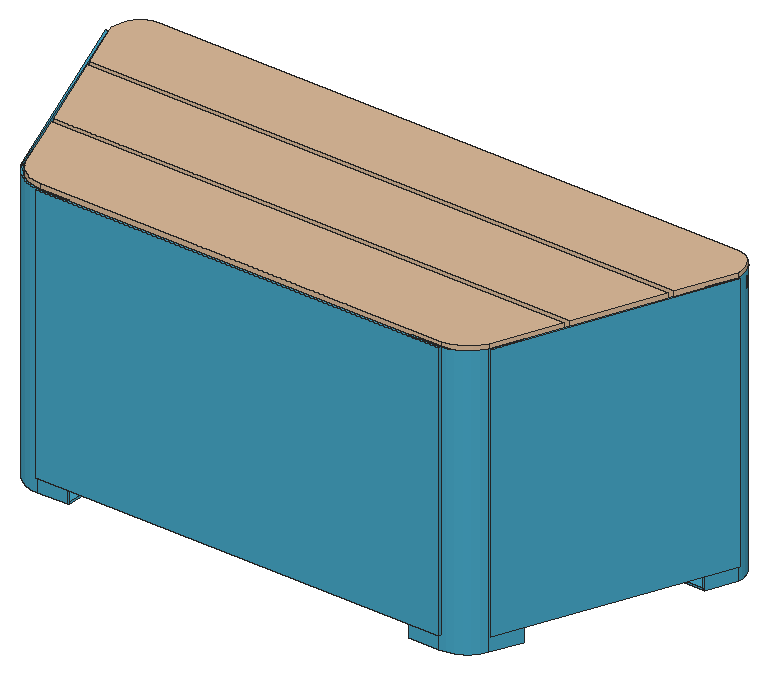
Revit family "product code 61507-S-L", category Meble, Revit 2021
Family settings
  Numer OmniClass = 23.40.20.00
  Tytuł OmniClass = General Furniture and Specialties
  Oparty na płaszczyźnie roboczej = Nie
  Zawsze pionowo = Tak
  Tnij formami wycięć po wczytaniu = Nie
  Współdzielony = Nie
  Punkt obliczania pomieszczeń = Nie
Parameters (values of type "61507-S-L")
  wood = Kobenhagen Wood - Larch
  metal = Kobenhagen RAL 5012
  Width = "44 cm"
  Weight = "45 kg"
  URL = "https://kobenhagen.com/en_US/p/Kdbyen-3-person-Bench/179"
  Product line = "Kødbyen"
  Product Groups = "Benches"
  Producent = "Lars Laj"
  Keynote = ""
  Opis = "Kødbyen 3-person Bench"
  Model = "61507-S-L"
  Material = "Larch, stainless steel, powder coated steel"
  Maintenance = "We recommend to examine and tighten all screws and bolt clamps after a few weeks’ use. In order to prevent cracks and to extend the life of the wood, it is recommended that the wood details should be oiled every 3-5 years."
  Lenght = "106 cm"
  Type Comments = ""
  Kobenhagen Materials = "larslaj.com/bim"
  Hosted on larslaj.com = "https://larslaj.com/bim"
  Height = "45 cm"
  Domyślna rzędna = 0 mm
  Copyright = "All designs and drawings are the intellectual property of Lars Laj A/S and are protected by Danish and international copyright laws."
Reference planes
  plane 1 "front": y = 0
  plane 2: z = 0
  plane 3 "Środek (Lewa/Prawa)": x = 0
  plane 4 "left": x = -247.535
  plane 5 "right": x = 809.233
  plane 6 "back": y = 400
  plane 7: x = -136.25
  plane 8: z = 706.5
Forms (mm)
  Extrusion 1, solid, material "Kobenhagen RAL 5012" <- "metal", not visible
    sketch origin (0, 0, 0) x (0, 1, 0) y (0, 0, 1)
      loop
        arc (71.187, 451.5) -> (57.045, 445.642) -> (51.187, 431.5) r 20
        line (51.187, 431.5) -> (51.187, 18.231)
        arc (51.187, 18.231) -> (56.527, 5.34) -> (69.418, 0) r 18.231
        line (69.418, 0) -> (153.638, 0) -> (153.638, 15) -> (448.638, 15) -> (448.638, 0) -> (527.023, 0)
        arc (527.023, 0) -> (542.307, 6.331) -> (548.638, 21.615) r 21.615
        line (548.638, 21.615) -> (548.638, 429.407)
        arc (548.638, 429.407) -> (542.168, 445.029) -> (526.545, 451.5) r 22.093
        line (526.545, 451.5) -> (71.187, 451.5)
    from 750.378 to 745
  Extrusion 2, solid, material "Kobenhagen RAL 5012" <- "metal", not visible
    sketch origin (0, 0, 0) x (0, 1, 0) y (0, 0, 1)
      loop
        line (548.638, 396.844) -> (629.375, 854.725) -> (601.836, 859.581)
        arc (601.836, 859.581) -> (585.224, 855.898) -> (576.082, 841.547) r 22.232
        line (576.082, 841.547) -> (507.306, 451.5) -> (526.545, 451.5)
        arc (526.545, 451.5) -> (542.168, 445.029) -> (548.638, 429.407) r 22.093
        line (548.638, 429.407) -> (548.638, 396.844)
    from 745 to 750.378
  Extrusion 3, solid, material "Kobenhagen RAL 5012" <- "metal"
    sketch origin (0, 0, 0) x (1, 0, 0) y (0, 1, 0)
      loop
        arc (-520.66, 475.97) -> (-509.501, 508.042) -> (-478.734, 522.413) r 43.652
        line (-478.734, 522.413) -> (-427.881, 522.312) -> (-427.881, 525.412) -> (-478.784, 525.413)
        arc (-478.784, 525.413) -> (-511.824, 509.867) -> (-523.621, 475.312) r 46.771
        line (-523.621, 475.312) -> (-505.538, 428.325) -> (-502.345, 428.325) -> (-520.66, 475.97)
      loop
        line (423.151, 522.312) -> (474.004, 522.413)
        arc (474.004, 522.413) -> (504.771, 508.042) -> (515.93, 475.97) r 43.652
        line (515.93, 475.97) -> (497.615, 428.325) -> (500.808, 428.325) -> (518.891, 475.312)
        arc (518.891, 475.312) -> (507.094, 509.867) -> (474.054, 525.413) r 46.771
        line (474.054, 525.413) -> (423.151, 525.412) -> (423.151, 522.312)
      loop
        arc (381.301, 128.754) -> (360.421, 104.402) -> (329.659, 95.311) r 56.594
        line (329.659, 95.311) -> (279.659, 95.311) -> (279.659, 92.311) -> (329.659, 92.311)
        arc (329.659, 92.311) -> (362.086, 101.906) -> (384.072, 127.602) r 59.594
        line (384.072, 127.602) -> (402.594, 175.729) -> (399.379, 175.729) -> (381.301, 128.754)
      loop
        line (-386.301, 128.754) -> (-404.379, 175.729) -> (-407.594, 175.729) -> (-389.072, 127.602)
        arc (-389.072, 127.602) -> (-367.086, 101.906) -> (-334.659, 92.311) r 59.594
        line (-334.659, 92.311) -> (-284.659, 92.311) -> (-284.659, 95.311) -> (-334.659, 95.311)
        arc (-334.659, 95.311) -> (-365.421, 104.402) -> (-386.301, 128.754) r 56.594
    from 0 to 450
  Extrusion 4, solid, material "Kobenhagen RAL 5012" <- "metal"
    sketch origin (0, 0, 0) x (1, 0, 0) y (0, 1, 0)
      loop
        line (-334.389, 92.311) -> (-334.389, 89.32) -> (332.159, 89.32) -> (332.159, 92.311) -> (-334.389, 92.311)
      loop
        line (-478.786, 528.312) -> (-478.786, 525.413) -> (476.556, 525.413) -> (476.556, 528.312) -> (-478.786, 528.312)
      loop
        line (521.763, 474.227) -> (518.891, 475.312) -> (384.39, 128.748) -> (386.819, 127.514) -> (521.763, 474.227)
      loop
        line (-526.688, 474.227) -> (-391.153, 127.243) -> (-389.216, 128.127) -> (-523.891, 475.312) -> (-526.688, 474.227)
    from 23.503 to 450
  Extrusion 5, solid, material "Kobenhagen RAL 5012" <- "metal"
    sketch origin (0, 0, 0) x (1, 0, 0) y (0, 1, 0)
      loop
        line (-426.631, 428.325) -> (-426.631, 522.312) -> (-477.484, 522.413)
        arc (-477.484, 522.413) -> (-508.251, 508.042) -> (-519.41, 475.97) r 43.652
        line (-519.41, 475.97) -> (-501.095, 428.325) -> (-426.631, 428.325)
      loop
        line (-283.764, 175.729) -> (-403.484, 175.729) -> (-385.406, 128.754)
        arc (-385.406, 128.754) -> (-364.526, 104.402) -> (-333.764, 95.311) r 56.594
        line (-333.764, 95.311) -> (-283.764, 95.311) -> (-283.764, 175.729)
      loop
        line (426.006, 428.325) -> (500.47, 428.325) -> (518.785, 475.97)
        arc (518.785, 475.97) -> (507.626, 508.042) -> (476.859, 522.413) r 43.652
        line (476.859, 522.413) -> (426.006, 522.312) -> (426.006, 428.325)
      loop
        line (280.639, 175.729) -> (280.639, 95.311) -> (330.639, 95.311)
        arc (330.639, 95.311) -> (361.401, 104.402) -> (382.281, 128.754) r 56.594
        line (382.281, 128.754) -> (400.359, 175.729) -> (280.639, 175.729)
    from 0 to 3.062
  Extrusion 6, solid, material "Kobenhagen Wood - Larch" <- "wood"
    sketch origin (0, 0, 0) x (1, 0, 0) y (0, 1, 0)
      loop
        line (483.581, 385.312) -> (518.43, 475.97)
        arc (518.43, 475.97) -> (507.852, 507.385) -> (478.255, 522.312) r 43.652
        line (478.255, 522.312) -> (-477.985, 522.312)
        arc (-477.985, 522.312) -> (-507.582, 507.385) -> (-518.16, 475.97) r 43.652
        line (-518.16, 475.97) -> (-483.311, 385.312) -> (483.581, 385.312)
      loop
        line (-479.906, 377.312) -> (-426.786, 240.312) -> (427.056, 240.312) -> (480.176, 377.312) -> (-479.906, 377.312)
      loop
        line (-423.386, 232.312) -> (-383.531, 128.754)
        arc (-383.531, 128.754) -> (-362.748, 104.465) -> (-332.12, 95.312) r 56.594
        line (-332.12, 95.312) -> (332.39, 95.312)
        arc (332.39, 95.312) -> (363.018, 104.465) -> (383.801, 128.754) r 56.594
        line (383.801, 128.754) -> (423.656, 232.312) -> (-423.386, 232.312)
    from 421 to 456.842
  Extrusion 7, solid, material "Kobenhagen Wood - Larch" <- "wood"
    sketch origin (0, 0, 0) x (1, 0, 0) y (0, 1, 0)
      loop
        line (-331.332, 95.394) -> (-494.322, 518.902)
        arc (-494.322, 518.902) -> (-513.546, 502.815) -> (-520.751, 478.806) r 43.652
        line (-520.751, 478.806) -> (-386.031, 128.754)
        arc (-386.031, 128.754) -> (-363.856, 103.588) -> (-331.332, 95.394) r 56.594
      loop
        arc (328.832, 95.394) -> (361.356, 103.588) -> (383.531, 128.754) r 56.594
        line (383.531, 128.754) -> (518.251, 478.806)
        arc (518.251, 478.806) -> (511.046, 502.815) -> (491.822, 518.902) r 43.652
        line (491.822, 518.902) -> (328.832, 95.394)
      loop
        line (-20.941, 522.312) -> (-20.941, 95.312) -> (20.636, 95.312) -> (20.636, 522.312) -> (-20.941, 522.312)
    from 379.562 to 421
  Extrusion 8, solid, material "Kobenhagen RAL 5012" <- "metal"
    sketch origin (0, 0, 0) x (1, 0, 0) y (0, 1, 0)
      loop
        line (-331.332, 95.394) -> (-494.322, 518.902)
        arc (-494.322, 518.902) -> (-513.546, 502.815) -> (-520.751, 478.806) r 43.652
        line (-520.751, 478.806) -> (-386.031, 128.754)
        arc (-386.031, 128.754) -> (-363.856, 103.588) -> (-331.332, 95.394) r 56.594
      loop
        arc (384.706, 132.203) -> (362.75, 105.092) -> (329.067, 96.007) r 56.594
        line (329.067, 96.007) -> (491.055, 516.907)
        arc (491.055, 516.907) -> (510.226, 501.38) -> (517.918, 477.94) r 43.652
        line (517.918, 477.94) -> (384.838, 132.152)
      loop
        line (-20.941, 522.312) -> (-20.941, 485.246) -> (20.636, 485.246) -> (20.636, 522.312) -> (-20.941, 522.312)
      loop
        line (-20.941, 95.312) -> (20.636, 95.312) -> (20.636, 140.312) -> (-20.941, 140.312) -> (-20.941, 95.312)
    from 376.436 to 379.562
Lines and regions (mm)
  model lines, style "9"
    curve 1: line (264.233, -399.489, 0) -> (264.233, -405.489, 0)
    curve 2: line (-304.767, -399.489, 0) -> (-304.767, -405.489, 0)
    curve 3: line (-281.767, -399.489, 0) -> (-281.767, -405.489, 0)
Dimensions and locks
  aligned and locked: level to plane 2
